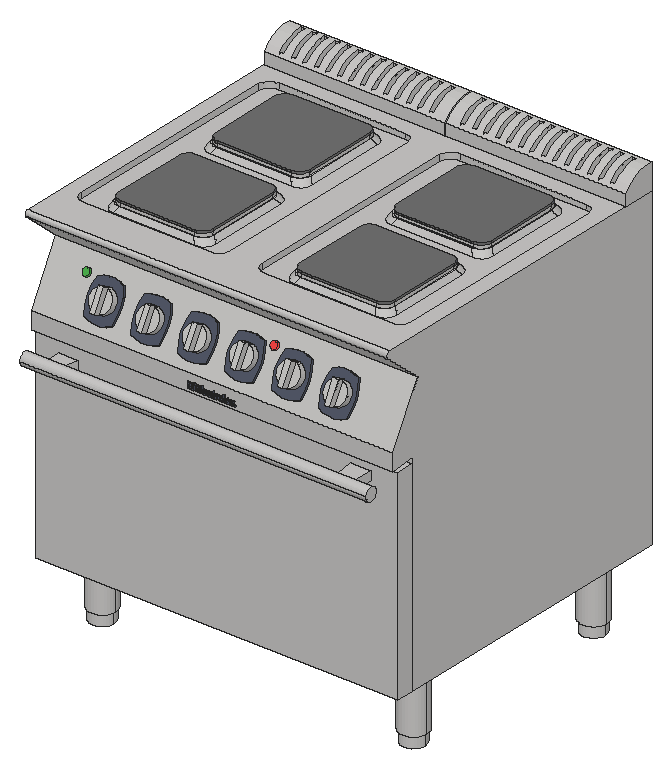
Revit family "QF_ELECTROLUXPROFESSIONAL_371018_E7ECEH4QE0", category Specialty Equipment, Revit 2018 (continued)
Automatic sketch dimensions
  Extrusion 10 sketch curve to Extrusion 10 sketch curve = 2.51 mm
  Extrusion 10 sketch curve to Extrusion 10 sketch curve = 0.187 mm
  Extrusion 10 sketch curve to Extrusion 10 sketch curve = 2.559 mm
  Extrusion 10 sketch curve to Extrusion 10 sketch curve = 1.556 mm
  Extrusion 10 sketch curve to Extrusion 10 sketch curve = 0.222 mm
  Extrusion 10 sketch curve to Extrusion 10 sketch curve = 1.383 mm
  Extrusion 10 sketch curve to Extrusion 10 sketch curve = 3.114 mm
  Extrusion 10 sketch curve to Extrusion 10 sketch curve = 3.376 mm
  Extrusion 10 sketch curve to Extrusion 10 sketch curve = 0.934 mm
  Extrusion 10 sketch curve to Extrusion 10 sketch curve = 0.191 mm
  Extrusion 10 sketch curve to Extrusion 10 sketch curve = 3.696 mm
  Extrusion 10 sketch curve to Extrusion 10 sketch curve = 2.708 mm
  Extrusion 10 sketch curve to Extrusion 10 sketch curve = 3.333 mm
  Extrusion 10 sketch curve to Extrusion 10 sketch curve = 0.332 mm
  Extrusion 10 sketch curve to Extrusion 10 sketch curve = 1.087 mm
  Extrusion 10 sketch curve to Extrusion 10 sketch curve = 2.23 mm
  Extrusion 10 sketch curve to Extrusion 10 sketch curve = 2.757 mm
  Extrusion 10 sketch curve to Extrusion 10 sketch curve = 0.987 mm
  Extrusion 10 sketch curve to Extrusion 10 sketch curve = 1.529 mm
  Extrusion 10 sketch curve to Extrusion 10 sketch curve = 1.796 mm
  Extrusion 10 sketch curve to Extrusion 10 sketch curve = 2.859 mm
  Extrusion 10 sketch curve to Extrusion 10 sketch curve = 0.853 mm
  Extrusion 10 sketch curve to Extrusion 10 sketch curve = 1.241 mm
  Extrusion 10 sketch curve to Extrusion 10 sketch curve = 2.046 mm  (x2)
  Extrusion 10 sketch curve to Extrusion 10 sketch curve = 2.422 mm
  Extrusion 10 sketch curve to Extrusion 10 sketch curve = 0.27 mm  (x2)
  Extrusion 10 sketch curve to Extrusion 10 sketch curve = 0.69 mm
  Extrusion 10 sketch curve to Extrusion 10 sketch curve = 0.781 mm  (x2)
  Extrusion 10 sketch curve to Extrusion 10 sketch curve = 3.136 mm
  Extrusion 10 sketch curve to Extrusion 10 sketch curve = 1.767 mm
  Extrusion 10 sketch curve to Extrusion 10 sketch curve = 0.138 mm
  Extrusion 10 sketch curve to Extrusion 10 sketch curve = 0.777 mm
  Extrusion 10 sketch curve to Extrusion 10 sketch curve = 1.19 mm
  Extrusion 10 sketch curve to Extrusion 10 sketch curve = 0.782 mm
  Extrusion 10 sketch curve to Extrusion 10 sketch curve = 1.268 mm
  Extrusion 10 sketch curve to Extrusion 10 sketch curve = 0.422 mm  (x2)
  Extrusion 10 sketch curve to Extrusion 10 sketch curve = 1.559 mm
  Extrusion 10 sketch curve to Extrusion 10 sketch curve = 3.927 mm
  Extrusion 10 sketch curve to Extrusion 10 sketch curve = 0.983 mm
  Extrusion 10 sketch curve to Extrusion 10 sketch curve = 1.134 mm
  Extrusion 10 sketch curve to Extrusion 10 sketch curve = 0.094 mm
  Extrusion 10 sketch curve to Extrusion 10 sketch curve = 1.584 mm
  Extrusion 10 sketch curve to plane 7 "Center Y" = 1.327 mm
  Extrusion 10 sketch curve to Extrusion 10 sketch curve = 0.643 mm
  Extrusion 10 sketch curve to Extrusion 10 sketch curve = 0.916 mm
  Extrusion 10 sketch curve to Extrusion 10 sketch curve = 0.352 mm
  Extrusion 10 sketch curve to Extrusion 10 sketch curve = 0.458 mm
  Extrusion 10 sketch curve to Extrusion 10 sketch curve = 1.282 mm
  Extrusion 10 sketch curve to Extrusion 10 sketch curve = 1.363 mm
  Extrusion 10 sketch curve to Extrusion 10 sketch curve = 0.685 mm
  Extrusion 10 sketch curve to Extrusion 10 sketch curve = 0.905 mm
  Extrusion 10 sketch curve to Extrusion 10 sketch curve = 2.865 mm
  Extrusion 10 sketch curve to Extrusion 10 sketch curve = 0.472 mm
  Extrusion 10 sketch curve to Extrusion 10 sketch curve = 0.101 mm
  Extrusion 10 sketch curve to Extrusion 10 sketch curve = 0.54 mm
  Extrusion 10 sketch curve to Extrusion 10 sketch curve = 0.02 mm
  Extrusion 10 sketch curve to Extrusion 10 sketch curve = 0.468 mm
  Extrusion 10 sketch curve to Extrusion 10 sketch curve = 0.829 mm
  Extrusion 10 sketch curve to Extrusion 10 sketch curve = 0.582 mm
  Extrusion 10 sketch curve to Extrusion 10 sketch curve = 0.166 mm
  Extrusion 10 sketch curve to Extrusion 10 sketch curve = 0.16 mm
  Extrusion 10 sketch curve to Extrusion 10 sketch curve = 2.781 mm
  Extrusion 10 sketch curve to Extrusion 10 sketch curve = 1.118 mm
  Extrusion 10 sketch curve to Extrusion 10 sketch curve = 0.613 mm
  Extrusion 10 sketch curve to Extrusion 10 sketch curve = 0.361 mm
  Extrusion 10 sketch curve to Extrusion 10 sketch curve = 0.897 mm
  Extrusion 10 sketch curve to Extrusion 10 sketch curve = 0.167 mm
  Extrusion 10 sketch curve to Extrusion 10 sketch curve = 0.292 mm
  Extrusion 10 sketch curve to Extrusion 10 sketch curve = 0.305 mm
  Extrusion 10 sketch curve to Extrusion 10 sketch curve = 1.557 mm
  Extrusion 10 sketch curve to Extrusion 10 sketch curve = 2.499 mm
  Extrusion 10 sketch curve to Extrusion 10 sketch curve = 3.062 mm
  Extrusion 10 sketch curve to Extrusion 10 sketch curve = 2.968 mm
  Extrusion 10 sketch curve to Extrusion 10 sketch curve = 5.044 mm
  Extrusion 10 sketch curve to Extrusion 10 sketch curve = 0.629 mm  (x2)
  Extrusion 10 sketch curve to Extrusion 10 sketch curve = 1.131 mm
  Extrusion 10 sketch curve to Extrusion 10 sketch curve = 0.027 mm
  Extrusion 10 sketch curve to Extrusion 10 sketch curve = 2.235 mm
  Extrusion 1 sketch curve to plane 5 "FRONT" = 83.331 mm
  Extrusion 16 sketch curve to plane 10 = 0 mm
  Extrusion 16 sketch curve to plane 5 "FRONT" = 30.162 mm
  plane 10 to Extrusion 16 sketch curve = 1.281 mm
  plane 5 "FRONT" to Extrusion 16 sketch curve = 379.413 mm
  Extrusion 1 sketch curve to Extrusion 1 sketch curve = 159.719 mm
  Extrusion 1 sketch curve to Extrusion 1 sketch curve = 5.61 mm
  Extrusion 8 sketch curve to plane 9 "TOP A" = 276.291 mm
  plane 7 "Center Y" to Extrusion 10 sketch curve = 19.326 mm
  Extrusion 10 sketch curve to plane 9 "TOP A" = 240.749 mm
  Extrusion 10 sketch curve to Extrusion 10 sketch curve = 0.019 mm
  Extrusion 10 sketch curve to Extrusion 10 sketch curve = 4.098 mm
  Extrusion 16 sketch curve to Extrusion 16 sketch curve = 42.109 mm
  plane 5 "FRONT" to Extrusion 2 sketch curve = 0 mm  (x2)
  plane 1 "BACK" to Extrusion 2 sketch curve = 0 mm
  Extrusion 2 sketch curve to plane 3 "LEFT" = 0 mm
  Extrusion 2 sketch curve to plane 4 "RIGHT" = 0 mm
  Extrusion 2 sketch curve to plane 3 "LEFT" = 150.019 mm
  plane 4 "RIGHT" to Extrusion 2 sketch curve = 150.019 mm
  Extrusion 2 sketch curve to plane 1 "BACK" = 150.019 mm
  curve 6 to plane 4 "RIGHT" = 0 mm
  plane 5 "FRONT" to curve 20 = 0 mm
  curve 38 to plane 7 "Center Y" = 0 mm
  curve 16 to plane 7 "Center Y" = 0 mm
  curve 11 to plane 3 "LEFT" = 0 mm
  curve 7 to plane 3 "LEFT" = 0 mm
  plane 1 "BACK" to curve 6 = 0 mm
  plane 4 "RIGHT" to curve 3 = 150.019 mm
  plane 5 "FRONT" to curve 17 = 8.513 mm
  curve 17 to plane 4 "RIGHT" = 17.7 mm
  plane 1 "BACK" to curve 96 = 6.761 mm
  curve 96 to plane 4 "RIGHT" = 29.703 mm
  curve 32 to plane 4 "RIGHT" = 35.025 mm
  curve 95 to curve 95 = 9.296 mm
  plane 1 "BACK" to curve 99 = 6.761 mm
  curve 95 to curve 99 = 16.193 mm
  curve 33 to curve 33 = 25.4 mm
  curve 31 to curve 30 = 25.4 mm
  curve 15 to curve 20 = 43.281 mm
  curve 100 to curve 101 = 9.296 mm
  curve 101 to curve 105 = 16.193 mm
  curve 104 to curve 105 = 9.296 mm
  curve 20 to curve 21 = 36.854 mm
  curve 21 to curve 21 = 1.571 mm
  plane 1 "BACK" to curve 107 = 6.761 mm
  curve 103 to curve 107 = 16.193 mm
  curve 108 to curve 109 = 9.296 mm
  plane 1 "BACK" to curve 111 = 6.761 mm
  curve 107 to curve 111 = 16.193 mm
  curve 111 to curve 114 = 9.296 mm
  plane 1 "BACK" to curve 115 = 6.761 mm
  curve 111 to curve 115 = 16.193 mm
  curve 115 to curve 115 = 9.296 mm
  plane 1 "BACK" to curve 119 = 6.761 mm
  curve 115 to curve 119 = 16.193 mm
  curve 119 to curve 119 = 9.296 mm
  plane 1 "BACK" to curve 123 = 6.761 mm
  curve 119 to curve 123 = 16.193 mm
  curve 123 to curve 123 = 9.296 mm
  curve 125 to curve 128 = 16.193 mm
  curve 128 to curve 129 = 9.296 mm
  curve 129 to curve 133 = 16.193 mm
  curve 132 to curve 133 = 9.296 mm
  plane 1 "BACK" to curve 135 = 6.761 mm
  curve 131 to curve 135 = 16.193 mm
  curve 135 to curve 138 = 9.296 mm
  curve 137 to curve 141 = 16.193 mm
  curve 140 to curve 141 = 9.296 mm
  curve 141 to curve 144 = 16.193 mm
  curve 144 to curve 37 = 4.062 mm
  plane 7 "Center Y" to curve 34 = 60.425 mm
  curve 143 to curve 143 = 9.296 mm
  plane 1 "BACK" to curve 147 = 6.761 mm
  curve 143 to curve 147 = 16.193 mm
  curve 35 to curve 35 = 25.4 mm
  curve 148 to curve 150 = 9.296 mm
  plane 1 "BACK" to curve 91 = 6.761 mm
  curve 91 to plane 7 "Center Y" = 29.703 mm
  curve 24 to plane 7 "Center Y" = 35.025 mm
  curve 91 to curve 91 = 9.296 mm
  plane 1 "BACK" to curve 90 = 6.761 mm
  curve 91 to curve 90 = 16.193 mm
  curve 23 to curve 23 = 25.4 mm
  curve 25 to curve 25 = 25.4 mm
  curve 89 to curve 89 = 9.296 mm
  plane 1 "BACK" to curve 83 = 6.761 mm
  curve 87 to curve 83 = 16.193 mm
  curve 85 to curve 85 = 9.296 mm
  plane 1 "BACK" to curve 79 = 6.761 mm
  curve 83 to curve 79 = 16.193 mm
  curve 79 to curve 80 = 9.296 mm
  plane 1 "BACK" to curve 78 = 6.761 mm
  curve 79 to curve 78 = 16.193 mm
  curve 75 to curve 76 = 9.296 mm
  curve 76 to curve 73 = 16.193 mm
  curve 71 to curve 72 = 9.296 mm
  curve 72 to curve 70 = 16.193 mm
  curve 69 to curve 68 = 9.296 mm
  curve 68 to curve 66 = 16.193 mm
  curve 65 to curve 64 = 9.296 mm
  curve 64 to curve 62 = 16.193 mm
  curve 61 to curve 60 = 9.296 mm
  plane 1 "BACK" to curve 58 = 6.761 mm
  curve 59 to curve 58 = 16.193 mm
  curve 57 to curve 56 = 9.296 mm
  plane 1 "BACK" to curve 54 = 6.761 mm
  curve 55 to curve 54 = 16.193 mm
  curve 53 to curve 52 = 9.296 mm
  curve 19 to curve 5 = 99.406 mm
  curve 19 to curve 19 = 1.571 mm
  plane 1 "BACK" to curve 50 = 6.761 mm
  curve 51 to curve 50 = 16.193 mm
  curve 47 to curve 47 = 9.296 mm
  curve 48 to curve 46 = 16.193 mm
  curve 19 to curve 18 = 36.854 mm
  curve 45 to curve 29 = 4.062 mm
  plane 3 "LEFT" to curve 26 = 60.425 mm
  curve 45 to curve 44 = 9.296 mm
  curve 44 to curve 41 = 16.193 mm
  curve 27 to curve 27 = 25.4 mm
  curve 41 to curve 41 = 9.296 mm
  plane 3 "LEFT" to curve 17 = 17.7 mm
  plane 5 "FRONT" to curve 1 = 1.377 mm
  curve 1 to plane 3 "LEFT" = 150.019 mm
  curve 1 to plane 1 "BACK" = 150.019 mm
  plane 1 "BACK" to curve 146 = 6.761 mm
  plane 1 "BACK" to curve 142 = 6.761 mm
  plane 1 "BACK" to curve 134 = 6.761 mm
  plane 1 "BACK" to curve 130 = 6.761 mm
  plane 1 "BACK" to curve 106 = 6.761 mm
  plane 1 "BACK" to curve 39 = 6.761 mm
  plane 1 "BACK" to curve 74 = 6.761 mm
  plane 1 "BACK" to curve 43 = 6.761 mm
  plane 1 "BACK" to curve 70 = 6.761 mm
  plane 1 "BACK" to curve 66 = 6.761 mm
  plane 1 "BACK" to curve 62 = 6.761 mm
  curve 38 to curve 16 = 63.012 mm
  curve 4 to curve 7 = 63.012 mm
  curve 55 to curve 58 = 57.15 mm
  curve 54 to curve 56 = 0 mm
  curve 57 to curve 60 = 0 mm
  curve 50 to curve 52 = 0 mm
  curve 61 to curve 64 = 0 mm
  curve 46 to curve 48 = 0 mm
  curve 65 to curve 68 = 0 mm
  curve 42 to curve 44 = 0 mm
  curve 69 to curve 72 = 0 mm
  curve 16 to curve 149 = 0.898 mm
  curve 73 to curve 76 = 0 mm
  curve 148 to curve 146 = 0 mm
  curve 77 to curve 80 = 0 mm
  curve 144 to curve 142 = 0 mm
  curve 81 to curve 84 = 0 mm
  curve 140 to curve 138 = 0 mm
  curve 85 to curve 88 = 0 mm
  curve 136 to curve 134 = 0 mm
  curve 89 to curve 92 = 0 mm
  curve 132 to curve 130 = 0 mm
  curve 95 to curve 96 = 57.15 mm
  curve 100 to curve 97 = 0 mm
  curve 128 to curve 126 = 0 mm
  curve 104 to curve 101 = 0 mm
  curve 124 to curve 122 = 0 mm
  curve 108 to curve 105 = 0 mm
  curve 120 to curve 118 = 0 mm
  curve 112 to curve 109 = 0 mm
  curve 96 to curve 9 = 5.939 mm
  curve 7 to curve 9 = 0 mm
  curve 144 to curve 30 = 40.974 mm
  curve 45 to curve 22 = 40.974 mm
  curve 28 to plane 5 "FRONT" = 110.765 mm
  curve 24 to curve 36 = 0 mm
  plane 5 "FRONT" to curve 3 = 1.377 mm
  curve 15 to curve 15 = 28 mm
  curve 14 to curve 11 = 342.9 mm
  Revolve 4 sketch curve to level = 0 mm
  Revolve 4 sketch curve to plane 10 = 0 mm  (x2)
  level to Revolve 4 sketch curve = 25 mm
  Revolve 4 sketch curve to Revolve 4 sketch curve = 20 mm
  Revolve 4 sketch curve to plane 4 "RIGHT" = 26 mm
  Revolve 4 sketch curve to Revolve 4 sketch curve = 3.75 mm
  Revolve 4 sketch curve to Revolve 4 sketch curve = 30 mm
  Revolve 4 sketch curve to Revolve 4 sketch curve = 0 mm
  Revolve 6 sketch curve to level = 0 mm
  Revolve 6 sketch curve to plane 10 = 0 mm  (x2)
  level to Revolve 6 sketch curve = 25 mm
  plane 10 to Revolve 6 sketch curve = 20 mm
  Revolve 6 sketch curve to plane 4 "RIGHT" = 26 mm
  Revolve 6 sketch curve to Revolve 6 sketch curve = 3.75 mm
  Revolve 6 sketch curve to Revolve 6 sketch curve = 30 mm
  Revolve 6 sketch curve to Revolve 6 sketch curve = 0 mm
  Extrusion 9 sketch curve to plane 5 "FRONT" = 30.162 mm
  Extrusion 9 sketch curve to plane 4 "RIGHT" = 60.981 mm
  Extrusion 9 sketch curve to Extrusion 9 sketch curve = 33.993 mm
  Extrusion 9 sketch curve to Extrusion 9 sketch curve = 43.993 mm
  Extrusion 9 sketch curve to plane 5 "FRONT" = 17.462 mm
  plane 3 "LEFT" to Extrusion 9 sketch curve = 102.63 mm
  Extrusion 9 sketch curve to Extrusion 9 sketch curve = 7.656 mm
  Extrusion 9 sketch curve to Extrusion 9 sketch curve = 41.649 mm
  plane 5 "FRONT" to Extrusion 9 sketch curve = 24.013 mm  (x2)
  Extrusion 1 to Extrusion 11 sketch curve = 0 mm
  Extrusion 11 sketch curve to Extrusion 1 = 0 mm  (x2)
  Extrusion 1 to Extrusion 11 sketch curve = 12.7 mm
  Extrusion 1 to Extrusion 15 sketch curve = 40.417 mm
  Extrusion 1 to Extrusion 15 sketch curve = 85.751 mm
  Extrusion 32 sketch curve to plane 9 "TOP A" = 0 mm
  Extrusion 32 sketch curve to plane 1 "BACK" = 0 mm
  Extrusion 32 sketch curve to plane 6 "TOP" = 0 mm
  plane 1 "BACK" to Extrusion 32 sketch curve = 4.947 mm
  plane 9 "TOP A" to Extrusion 32 sketch curve = 25.4 mm
  plane 1 "BACK" to Extrusion 32 sketch curve = 69.85 mm
  Extrusion 1 to Extrusion 33 sketch curve = 6.761 mm  (x14)
  Extrusion 33 sketch curve to Extrusion 33 sketch curve = 57.15 mm
  Extrusion 33 sketch curve to Extrusion 33 sketch curve = 0 mm  (x13)
  Extrusion 1 to Extrusion 33 sketch curve = 29.703 mm
  Extrusion 33 sketch curve to Extrusion 33 sketch curve = 9.296 mm  (x14)
  Extrusion 33 sketch curve to Extrusion 33 sketch curve = 16.193 mm  (x13)
  Extrusion 1 to Extrusion 34 sketch curve = 35.025 mm
  Extrusion 34 sketch curve to Extrusion 34 sketch curve = 25.4 mm  (x6)
  Extrusion 34 sketch curve to Extrusion 34 sketch curve = 279.2 mm  (x2)
  Extrusion 34 sketch curve to Extrusion 1 = 103.443 mm
  Extrusion 34 sketch curve to Extrusion 34 sketch curve = 70.05 mm
  Extrusion 1 to Extrusion 34 sketch curve = 60.425 mm  (x2)
  Extrusion 34 sketch curve to Extrusion 1 = 78.043 mm
  Extrusion 1 to Extrusion 34 sketch curve = 130.285 mm
  Extrusion 34 sketch curve to Extrusion 34 sketch curve = 0 mm
  Extrusion 35 sketch curve to plane 9 "TOP A" = 0 mm
  Extrusion 35 sketch curve to plane 1 "BACK" = 0 mm
  Extrusion 35 sketch curve to plane 6 "TOP" = 0 mm
  plane 1 "BACK" to Extrusion 35 sketch curve = 4.947 mm
  plane 9 "TOP A" to Extrusion 35 sketch curve = 25.4 mm
  plane 1 "BACK" to Extrusion 35 sketch curve = 69.85 mm
  Extrusion 1 to Extrusion 36 sketch curve = 6.761 mm  (x14)
  Extrusion 36 sketch curve to Extrusion 36 sketch curve = 57.15 mm
  Extrusion 36 sketch curve to Extrusion 36 sketch curve = 0 mm  (x13)
  Extrusion 1 to Extrusion 36 sketch curve = 370.347 mm
  Extrusion 36 sketch curve to Extrusion 36 sketch curve = 9.296 mm  (x14)
  Extrusion 36 sketch curve to Extrusion 36 sketch curve = 16.193 mm  (x13)
  Extrusion 1 to Extrusion 37 sketch curve = 40.417 mm
  Extrusion 1 to Extrusion 37 sketch curve = 298.99 mm
  radius of Extrusion 13 sketch curve = 25.4 mm
  radius of Extrusion 14 sketch curve to Extrusion 13 = 0 mm  (x2)
  radius of Extrusion 18 sketch curve = 25.4 mm
  radius of Extrusion 19 sketch curve to Extrusion 18 = 0 mm  (x2)
  radius of Extrusion 21 sketch curve = 25.4 mm
  radius of Extrusion 22 sketch curve to Extrusion 21 = 0 mm  (x2)
  radius of Extrusion 24 sketch curve = 25.4 mm
  radius of Extrusion 25 sketch curve to Extrusion 24 = 0 mm  (x2)
  radius of Extrusion 27 sketch curve = 25.4 mm
  radius of Extrusion 28 sketch curve to Extrusion 27 = 0 mm  (x2)
  radius of Extrusion 30 sketch curve = 25.4 mm
  radius of Extrusion 31 sketch curve to Extrusion 30 = 0 mm  (x2)
  radius of Extrusion 8 sketch curve = 14 mm
  radius of Extrusion 7 sketch curve = 12.7 mm
  radius of Extrusion 15 sketch curve = 8 mm
  radius of Extrusion 37 sketch curve = 8 mm
Nested families
  nested 1: "371018_QF_Electrolux_HOT PLATES" at (85.025, -126.398, 838.3), type "371018_QF_Electrolux_HOT PLATES"
    with Type Mark "", Specification by User "", Revision Code "", Item Number "", Installed By "", Identify Quantity as Lot yes, Furnished By "", Foodservice Equipment Identifier yes
  nested 2: "371018_QF_Electrolux_HOT PLATES" at (85.025, -623.372, 838.3), type "371018_QF_Electrolux_HOT PLATES"
    with Type Mark "", Specification by User "", Revision Code "", Item Number "", Installed By "", Identify Quantity as Lot yes, Furnished By "", Foodservice Equipment Identifier yes
  nested 3: "371018_QF_Electrolux_HOT PLATES" at (715.075, -126.398, 838.3) x (-1, 0, 0) z (0, 0, 1), type "371018_QF_Electrolux_HOT PLATES"
    with Type Mark "", Specification by User "", Revision Code "", Item Number "", Installed By "", Identify Quantity as Lot yes, Furnished By "", Foodservice Equipment Identifier yes
  nested 4: "371018_QF_Electrolux_HOT PLATES" at (715.075, -623.372, 838.3) x (-1, 0, 0) z (0, 0, 1), type "371018_QF_Electrolux_HOT PLATES"
    with Type Mark "", Specification by User "", Revision Code "", Item Number "", Installed By "", Identify Quantity as Lot yes, Furnished By "", Foodservice Equipment Identifier yes
Connectors
  electrical at (752.475, -512.762, 150), driven by "Volts", driven by "Watts"
    settings: on Extrusion 7, index 1, voltage 400 V, apparent load 16400 VA, apparent load phase1 0 VA, apparent load phase2 0 VA, apparent load phase3 0 VA, power factor 1, load classification "Other", number of poles 1, system type 30, power factor state 1, is connector primary yes, connector utility no, sub classification motor no, connector description "Electrical Connection"
Definition of nested family "371018_QF_Electrolux_HOT PLATES"
  Parameters
    Width = 230 mm  # constant formula
    Weight in Pounds = 0
    URL Cutsheet = ""
    URL = ""
    Type Mark [instance] = ""
    Specification by User [instance] = ""
    Specification by Manufacturer = ""
    Serial Number = ""
    Seismic Rating = ""
    SMACNA No = ""
    Revision Code [instance] = ""
    Omniclass Number and Title = ""
    NAFEM Spec ID Number = ""
    Model = ""
    Masterspec = ""
    Manufacturer = ""
    Item Number [instance] = ""
    Installed By [instance] = ""
    Identify Quantity as Lot [instance] = yes
    Height = 23 mm  # constant formula
    Furnished By [instance] = ""
    Foodservice Equipment Identifier [instance] = yes
    Description = ""
    Depth = 230 mm  # constant formula
    CSI MasterFormat = ""
    CSI Master Format = ""
    Assembly Code = ""
  Reference planes
    plane 1 "BACK": y = 0
    plane 2: z = 0
    plane 3 "LEFT": x = 0
    plane 4 "RIGHT": x = 230
    plane 5 "FRONT": y = -230
    plane 6 "TOP": z = 23
    plane 7 "Center Y": x = 115
    plane 8 "Center X": y = -115
  Forms (mm)
    Extrusion 1, solid
      sketch origin (-72.525, 113.875, 19.181) x (1, 0, 0) y (0, 1, 0)
        loop
          arc (82.823, -310.573) -> (89.325, -326.271) -> (105.023, -332.773) r 22.2
          line (105.023, -332.773) -> (269.223, -332.773)
          arc (269.223, -332.773) -> (284.921, -326.271) -> (291.423, -310.573) r 22.2
          line (291.423, -310.573) -> (291.423, -146.373)
          arc (291.423, -146.373) -> (284.921, -130.675) -> (269.223, -124.173) r 22.2
          line (269.223, -124.173) -> (105.023, -124.173)
          arc (105.023, -124.173) -> (89.325, -130.675) -> (82.823, -146.373) r 22.2
          line (82.823, -146.373) -> (82.823, -310.573)
      from 0 to 3.819
    Blend 2, solid
      base sketch origin (-72.525, 113.875, 0) x (1, 0, 0) y (0, 1, 0)
        loop
          arc (97.925, -113.875) -> (79.964, -121.314) -> (72.525, -139.275) r 25.4
          line (72.525, -139.275) -> (72.525, -318.475)
          arc (72.525, -318.475) -> (79.964, -336.436) -> (97.925, -343.875) r 25.4
          line (97.925, -343.875) -> (277.125, -343.875)
          arc (277.125, -343.875) -> (295.086, -336.436) -> (302.525, -318.475) r 25.4
          line (302.525, -318.475) -> (302.525, -139.275)
          arc (302.525, -139.275) -> (295.086, -121.314) -> (277.125, -113.875) r 25.4
          line (277.125, -113.875) -> (97.925, -113.875)
      top sketch origin (-72.525, 113.875, 0) x (1, 0, 0) y (0, 1, 0)
        loop
          line (105.023, -335.973) -> (269.223, -335.973)
          arc (269.223, -335.973) -> (287.183, -328.533) -> (294.623, -310.573) r 25.4
          line (294.623, -310.573) -> (294.623, -146.373)
          arc (294.623, -146.373) -> (287.183, -128.412) -> (269.223, -120.973) r 25.4
          line (269.223, -120.973) -> (105.023, -120.973)
          arc (105.023, -120.973) -> (87.062, -128.412) -> (79.623, -146.373) r 25.4
          line (79.623, -146.373) -> (79.623, -310.573)
          arc (79.623, -310.573) -> (87.062, -328.533) -> (105.023, -335.973) r 25.4
      from 0 to 11.731
    Extrusion 3, solid
      sketch origin (-72.525, 113.875, 11.731) x (1, 0, 0) y (0, 1, 0)
        loop
          line (105.023, -332.773) -> (269.223, -332.773)
          arc (269.223, -332.773) -> (284.921, -326.271) -> (291.423, -310.573) r 22.2
          line (291.423, -310.573) -> (291.423, -146.373)
          arc (291.423, -146.373) -> (284.921, -130.675) -> (269.223, -124.173) r 22.2
          line (269.223, -124.173) -> (105.023, -124.173)
          arc (105.023, -124.173) -> (89.325, -130.675) -> (82.823, -146.373) r 22.2
          line (82.823, -146.373) -> (82.823, -310.573)
          arc (82.823, -310.573) -> (89.325, -326.271) -> (105.023, -332.773) r 22.2
      from 0 to 7.45
  Lines and regions (mm)
    symbolic lines
      curve 1: arc (0, -25.4, 0) -> (7.439, -7.439, 0) -> (25.4, 0, 0) r 25.4
      curve 2: line (25.4, 0, 0) -> (204.6, 0, 0)
      curve 3: arc (204.6, 0, 0) -> (222.561, -7.439, 0) -> (230, -25.4, 0) r 25.4
      curve 4: line (230, -25.4, 0) -> (230, -204.6, 0)
      curve 5: line (0, -204.6, 0) -> (0, -25.4, 0)
      curve 6: arc (25.4, -230, 0) -> (7.439, -222.561, 0) -> (0, -204.6, 0) r 25.4
      curve 7: line (204.6, -230, 0) -> (25.4, -230, 0)
      curve 8: arc (230, -204.6, 0) -> (222.561, -222.561, 0) -> (204.6, -230, 0) r 25.4
      curve 9: line (196.698, -7.098, 0) -> (32.498, -7.098, 0)
      curve 10: arc (32.498, -7.098, 0) -> (14.537, -14.537, 0) -> (7.098, -32.498, 0) r 25.4
      curve 11: line (7.098, -32.498, 0) -> (7.098, -196.698, 0)
      curve 12: arc (7.098, -196.698, 0) -> (14.537, -214.658, 0) -> (32.498, -222.098, 0) r 25.4
      curve 13: line (32.498, -222.098, 0) -> (196.698, -222.098, 0)
      curve 14: arc (196.698, -222.098, 0) -> (214.658, -214.658, 0) -> (222.098, -196.698, 0) r 25.4
      curve 15: line (222.098, -196.698, 0) -> (222.098, -32.498, 0)
      curve 16: arc (222.098, -32.498, 0) -> (214.658, -14.537, 0) -> (196.698, -7.098, 0) r 25.4
      curve 17: line (196.698, -10.298, 0) -> (32.498, -10.298, 0)
      curve 18: arc (32.498, -10.298, 0) -> (16.8, -16.8, 0) -> (10.298, -32.498, 0) r 22.2
      curve 19: line (10.298, -32.498, 0) -> (10.298, -196.698, 0)
      curve 20: arc (10.298, -196.698, 0) -> (16.8, -212.396, 0) -> (32.498, -218.898, 0) r 22.2
      curve 21: line (32.498, -218.898, 0) -> (196.698, -218.898, 0)
      curve 22: arc (196.698, -218.898, 0) -> (212.396, -212.396, 0) -> (218.898, -196.698, 0) r 22.2
      curve 23: line (218.898, -196.698, 0) -> (218.898, -32.498, 0)
      curve 24: arc (218.898, -32.498, 0) -> (212.396, -16.8, 0) -> (196.698, -10.298, 0) r 22.2
  Dimensions and locks
    equal spacing: plane 3 "LEFT", plane 7 "Center Y", plane 4 "RIGHT"
    "Width": plane 3 "LEFT" to plane 4 "RIGHT"
    equal spacing: plane 5 "FRONT", plane 8 "Center X", plane 1 "BACK"
    "Depth": plane 5 "FRONT" to plane 1 "BACK"
    plane 1 "BACK" to plane 5 "FRONT" = 230 mm
    "Height": plane 6 "TOP" to level
    aligned and locked: level to plane 2
  Automatic sketch dimensions
    Blend 2 sketch curve to plane 3 "LEFT" = 0 mm
    plane 1 "BACK" to Blend 2 sketch curve = 0 mm
    plane 5 "FRONT" to Blend 2 sketch curve = 0 mm
    Blend 2 sketch curve to plane 4 "RIGHT" = 0 mm
    plane 3 "LEFT" to Blend 2 sketch curve = 25.4 mm  (x2)
    Blend 2 sketch curve to plane 4 "RIGHT" = 25.4 mm  (x2)
    plane 3 "LEFT" to Blend 2 sketch curve = 7.098 mm
    plane 1 "BACK" to Blend 2 sketch curve = 7.098 mm
    plane 3 "LEFT" to Blend 2 sketch curve = 32.498 mm
    Blend 2 sketch curve to Blend 2 sketch curve = 25.4 mm
    Blend 2 sketch curve to plane 5 "FRONT" = 7.902 mm
    Blend 2 sketch curve to plane 4 "RIGHT" = 33.302 mm  (x2)
    Blend 2 sketch curve to plane 4 "RIGHT" = 7.902 mm
    Extrusion 3 sketch curve to Extrusion 3 sketch curve = 22.2 mm
    Extrusion 3 sketch curve to Blend 2 = 25.4 mm
    Extrusion 1 sketch curve to Extrusion 3 = 22.2 mm
    Extrusion 1 sketch curve to Extrusion 1 sketch curve = 22.2 mm
    curve 1 to plane 3 "LEFT" = 0 mm
    plane 1 "BACK" to curve 1 = 0 mm
    plane 3 "LEFT" to curve 1 = 25.4 mm
    curve 2 to plane 4 "RIGHT" = 25.4 mm
    curve 3 to plane 4 "RIGHT" = 0 mm
    curve 4 to plane 5 "FRONT" = 25.4 mm
    curve 5 to plane 5 "FRONT" = 25.4 mm
    plane 5 "FRONT" to curve 6 = 0 mm
    plane 3 "LEFT" to curve 11 = 7.098 mm
    curve 6 to curve 13 = 7.098 mm
    plane 1 "BACK" to curve 10 = 7.098 mm
    curve 1 to curve 10 = 7.098 mm
    curve 14 to curve 7 = 7.902 mm
    curve 16 to curve 3 = 7.902 mm
    curve 16 to plane 4 "RIGHT" = 7.902 mm
    curve 13 to plane 5 "FRONT" = 7.902 mm
    curve 10 to curve 18 = 0 mm  (x2)
    curve 12 to curve 20 = 0 mm  (x2)
    curve 14 to curve 22 = 0 mm  (x2)
    curve 16 to curve 24 = 0 mm
    curve 10 to curve 19 = 3.2 mm
    radius of Extrusion 3 sketch curve to Blend 2 = 3.2 mm  (x2)
    radius of Extrusion 1 sketch curve to Extrusion 3 = 0 mm  (x2)
